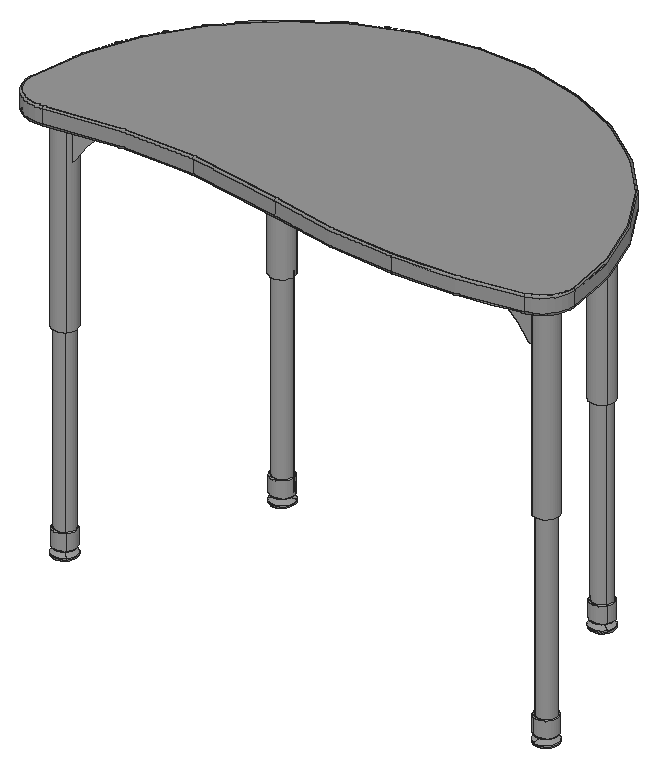
Revit family "Hierarchy Creator ADA Half Round Desk", category Furniture, Revit 2018
Family settings
  Work Plane-Based = No
  Always vertical = Yes
  Cut with Voids When Loaded = No
  Shared = No
  Room Calculation Point = No
Parameters
  Surface = Hierarchy Creator ADA Half Round Desk Surface
  Leg Finish = Hierarchy Leg Platinum
  Edgeband = Hierarchy Creator ADA Half Round Desk Edgeband
  Desk Height = 2' - 5"
  Caster / Glide = Hierarchy Leg - Glide : Hierarchy Leg - Glide
Reference planes (in)
  plane 1 "Center (Front/Back)": y = 0
  plane 2: z = 0
  plane 3 "Center (Left/Right)": x = 0
  plane 4: z = 29
Dimensions and locks (in)
  "Desk Height": plane 4 to level
  aligned and locked: plane 2 to level
  aligned and locked: nested 1 to plane 4
Nested families (in)
  nested 1: "Creator Half Round ADA Desk Tabletop" at (0, 0, 15.97788), type "Creator Half Round ADA Desk Tabletop"
  nested 2: "Hierarchy Leg - Glide" at (-11.40832, 4.80385, 0) x (0.8775, 0.4796, 0) z (0, 0, 1), type <- "Caster / Glide", Leg Finish <- "Leg Finish", Leg Height <- "Desk Height", type "Hierarchy Leg - Glide"
  nested 3: "Hierarchy Leg - Glide" at (-17.21975, -7.66175, 0) x (-0.7272, 0.6865, 0) z (0, 0, 1), type <- "Caster / Glide", Leg Finish <- "Leg Finish", Leg Height <- "Desk Height", type "Hierarchy Leg - Glide"
  nested 4: "Hierarchy Leg - Glide" at (17.60127, -7.5233, 0) x (-0.3635, -0.9316, 0) z (0, 0, 1), Leg Finish <- "Leg Finish", Leg Height <- "Desk Height", type "Hierarchy Leg - Glide"
    with Leg Height 2' - 5", Leg Finish Hierarchy Leg Platinum
  nested 5: "Hierarchy Leg - Glide" at (11.78887, 4.80385, 0) x (0.8775, -0.4796, 0) z (0, 0, 1), Leg Finish <- "Leg Finish", Leg Height <- "Desk Height", type "Hierarchy Leg - Glide"
    with Leg Height 2' - 5", Leg Finish Hierarchy Leg Platinum
Definition of nested family "Creator Half Round ADA Desk Tabletop"
  Parameters (values of type "Creator Half Round ADA Desk Tabletop")
    Surface = none
    Edgeband = none
  Reference planes (in)
    plane 1 "Center (Front/Back)": y = 0
    plane 2: z = 0
    plane 3 "Center (Left/Right)": x = 0
  Forms (in)
    Extrusion 1, solid, material <- "Surface"
      sketch origin (0, 0, 0) x (1, 0, 0) y (0, 1, 0)
        loop
          arc (-19.57413, -7.65024) -> (-18.80351, -9.49608) -> (-16.86476, -9.98822) r 2.23765
          arc (-16.86476, -9.98822) -> (-11.76539, -9.22549) -> (-6.60994, -9.14352) r 38.92075
          arc (-6.60994, -9.14352) -> (-3.24637, -9.45509) -> (0.07923, -10.04763) r 40.24571
          arc (0.07923, -10.04763) -> (4.65313, -10.78485) -> (9.28181, -10.98311) r 39.62035
          arc (9.28181, -10.98311) -> (13.6669, -10.66965) -> (17.9875, -9.85745) r 38.43282
          arc (17.9875, -9.85745) -> (19.19987, -9.07862) -> (19.68561, -7.72198) r 2.23664
          arc (19.68561, -7.72198) -> (0.08931, 10.68852) -> (-19.57413, -7.65024) r 19.67278
      from 13.02212 to 14.27206
    Sweep 2, solid, material <- "Edgeband"
      path origin (0, 0, 0) x (1, 0, 0) y (0, 1, 0)
        loop
          arc (19.68561, -7.72198) -> (0.08931, 10.68852) -> (-19.57413, -7.65024) r 19.67278
          arc (-19.57413, -7.65024) -> (-18.80351, -9.49608) -> (-16.86476, -9.98822) r 2.23765
          arc (-16.86476, -9.98822) -> (-11.76539, -9.22549) -> (-6.60994, -9.14352) r 38.92075
          arc (-6.60994, -9.14352) -> (-3.24637, -9.45509) -> (0.07923, -10.04763) r 40.24571
          arc (0.07923, -10.04763) -> (4.65313, -10.78485) -> (9.28181, -10.98311) r 39.62035
          arc (9.28181, -10.98311) -> (13.6669, -10.66965) -> (17.9875, -9.85745) r 38.43282
          arc (17.9875, -9.85745) -> (19.19987, -9.07862) -> (19.68561, -7.72198) r 2.23664
      profile origin (0.08931, 10.68852, 0) x (-0.001827, -0.999998, 0) y (0, 0, 1)
        loop
          line (0, 13.02218) -> (0, 14.27206)
          arc (0, 14.27206) -> (-0.08841, 14.23311) -> (-0.12472, 14.14358) r 0.12854
          line (-0.12472, 14.14358) -> (-0.12472, 13.15066)
          arc (-0.12472, 13.15066) -> (-0.08841, 13.06113) -> (0, 13.02218) r 0.12854
  Dimensions and locks (in)
    aligned and locked: plane 2 to level
Definition of nested family "Hierarchy Leg - Glide"
  Parameters (values of type "Hierarchy Leg - Glide")
    Leg Finish [instance] = none
    Leg Height [instance] = 2' - 5"
  Reference planes (in)
    plane 1 "Center (Front/Back)": y = 0
    plane 2: z = 0
    plane 3 "Center (Left/Right)": x = 0
  Forms (in)
    Extrusion 1, solid
      sketch origin (-0.01562, 0, 0) x (1, 0, 0) y (0, 1, 0)
        loop
          circle (0.01563, 0) r 0.67016
      from 0.67618 to 16.17618
    Revolve 2, solid
      sketch origin (0, 0, 0) x (1, 0, 0) y (0, 0, 1)
        loop
          line (-0.73189, 1.80118) -> (-0.79439, 1.73867) -> (-0.79439, 0.61381) -> (-0.73176, 0.55118) -> (-0.125, 0.55118) -> (-0.125, 0.42618) -> (-0.84656, 0.16241) -> (-0.84656, 0.08994) -> (-0.81359, 0) -> (0, 0) -> (0, 1.80118) -> (-0.73189, 1.80118)
        axis (0, 1.80118) -> (0, 0)
      angle from 0 to 360
  Dimensions and locks (in)
    "Leg Height": nested 1 to level
    aligned and locked: plane 2 to level
  Automatic sketch dimensions
    plane 1 "Center (Front/Back)" to Extrusion 1 sketch curve = 0' - 0"
    Extrusion 1 sketch curve to plane 3 "Center (Left/Right)" = 0' - 0"
    Revolve 2 sketch curve to level = 0' - 0"
    Revolve 2 sketch curve to plane 3 "Center (Left/Right)" = 0' - 0"  (x2)
    Revolve 2 sketch curve to plane 3 "Center (Left/Right)" = 0' - 0 1/8"
    Revolve 2 sketch curve to Revolve 2 sketch curve = 0' - 0.60676"
    Revolve 2 sketch curve to Revolve 2 sketch curve = 0' - 0.73189"
    Revolve 2 sketch curve to Revolve 2 sketch curve = 0' - 0.06263"  (x2)
    Revolve 2 sketch curve to Revolve 2 sketch curve = 0' - 0.08183"
    Revolve 2 sketch curve to Revolve 2 sketch curve = 0' - 0.03297"
    level to Revolve 2 sketch curve = 0' - 0.08994"
    Revolve 2 sketch curve to Revolve 2 sketch curve = 0' - 0.07247"
    level to Revolve 2 sketch curve = 0' - 0.42618"
    Revolve 2 sketch curve to Revolve 2 sketch curve = 0' - 0 1/8"
    Revolve 2 sketch curve to Revolve 2 sketch curve = 0' - 1.12486"
    Revolve 2 sketch curve to Revolve 2 sketch curve = 0' - 0 1/16"
    Revolve 2 sketch curve to level = 2' - 0"
    Revolve 2 sketch curve to Revolve 2 sketch curve = 8' - 4.91764"
    radius of Extrusion 1 sketch curve = 0' - 0.67016"
  Nested families (in)
    nested 1: "Hierarchy Upper Leg 2023" at (0, 0, 1.19783), Shapes Leg Finish <- "Leg Finish", type "Hierarchy Upper Leg 2023"
      with Shapes Leg Finish none
  Definition of nested family "Hierarchy Upper Leg 2023"
    Parameters (values of type "Hierarchy Upper Leg 2023")
      Shapes Leg Finish [instance] = none
    Reference planes (in)
      plane 1 "Center (Front/Back)": y = 0
      plane 2: z = 0
      plane 3 "Center (Left/Right)": x = 0
    Forms (in)
      Extrusion 1, solid, material <- "Shapes Leg Finish"
        sketch origin (0, 0, 0) x (1, 0, 0) y (0, 1, 0)
          loop
            circle (0, 0) r 0.84802
        from 13.67618 to 27.67618
      Extrusion 2, solid, material <- "Shapes Leg Finish"
        sketch origin (0, 0, 0) x (1, 0, 0) y (0, 1, 0)
          loop
            line (-1.70174, 0.19183) -> (-2.88626, -2.26116)
            arc (-2.88626, -2.26116) -> (-2.83993, -3.09822) -> (-2.1063, -3.50394) r 0.86614
            line (-2.1063, -3.50394) -> (2.1063, -3.50394)
            arc (2.1063, -3.50394) -> (2.83993, -3.09822) -> (2.88626, -2.26116) r 0.86614
            line (2.88626, -2.26116) -> (1.70174, 0.19183)
            arc (1.70174, 0.19183) -> (0, 1.25984) -> (-1.70174, 0.19183) r 1.88976
        from 27.67618 to 27.80217
      Extrusion 3, solid, material <- "Shapes Leg Finish"
        sketch origin (-1.48519, 8.66524, 0) x (-0.434844, 0.900506, 0) y (0, 0, 1)
          loop
            line (-9.01425, 27.67618) -> (-11.80952, 27.67618)
            arc (-11.80952, 27.67618) -> (-11.92325, 27.58993) -> (-11.87088, 27.45715) r 0.11811
            arc (-11.87088, 27.45715) -> (-10.39364, 26.29679) -> (-9.23328, 24.81955) r 7.87402
            arc (-9.23328, 24.81955) -> (-9.1005, 24.76717) -> (-9.01425, 24.88091) r 0.11811
            line (-9.01425, 24.88091) -> (-9.01425, 27.67618)
        from -1.94075 to -1.81476
      Extrusion 4, solid, material <- "Shapes Leg Finish"
        sketch origin (1.48519, 8.66524, 0) x (0.434844, 0.900506, 0) y (0, 0, -1)
          loop
            line (-9.01425, -27.67618) -> (-9.01425, -24.88091)
            arc (-9.01425, -24.88091) -> (-9.1005, -24.76717) -> (-9.23328, -24.81955) r 0.11811
            arc (-9.23328, -24.81955) -> (-10.39364, -26.29679) -> (-11.87088, -27.45715) r 7.87402
            arc (-11.87088, -27.45715) -> (-11.92325, -27.58993) -> (-11.80952, -27.67618) r 0.11811
            line (-11.80952, -27.67618) -> (-9.01425, -27.67618)
        from -1.94075 to -1.81476
    Dimensions and locks (in)
      aligned and locked: plane 2 to level
